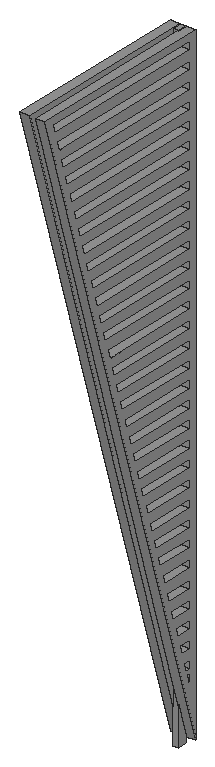
Revit family "MBS_shading panel3__down_90", category Generic Models, Revit 2014
Reference planes
  plane 1 "Center (Front/Back)": y = 0
  plane 2: z = 0
  plane 3 "Center (Left/Right)": x = 0
Dimensions and locks
  aligned and locked: level to plane 2
Nested families
  nested 1: "MBS_rounding mullion shading system1" at (100, -100, 0), type "MBS_rounding mullion shading system1"
    with rounding mullion height 2700 mm
  nested 2: "MBS_shading panel3" at (155, -96.296, 25) x (0, 1, 0) z (-1, 0, 0), type "MBS_shading panel3"
    with shad panel thickness 40 mm, shad panel 1 void height 2700 mm
  nested 3: "MBS_shading panel3" at (180, -96.296, 25) x (0, 1, 0) z (1, 0, 0), type "MBS_shading panel3"
    with shad panel thickness 40 mm, shad panel 1 void height 2700 mm
Definition of nested family "MBS_rounding mullion shading system1"
  Parameters (values of type "MBS_rounding mullion shading system1")
    rounding mullion mater = Steel, Galvanized rounding mull
    rounding mullion height [instance] = 2700 mm
    Default Elevation = 1219.2 mm
  Reference planes
    plane 1 "Center (Front/Back)": y = 0
    plane 2: z = 0
    plane 3 "Center (Left/Right)": x = 0
  Forms (mm)
    Extrusion 1, solid
      sketch origin (0, 0, 0) x (1, 0, 0) y (0, 1, 0)
        loop
          line (-1219.2, 1219.2) -> (-1219.2, -1219.2) -> (1219.2, -1219.2) -> (1219.2, 1219.2) -> (-1219.2, 1219.2)
      from 0 to -304.8
    Extrusion 2, solid, material "Steel, Galvanized rounding mull" <- "rounding mullion mater"
      sketch origin (0, 0, 0) x (1, 0, 0) y (0, 1, 0)
        loop
          line (55, 0) -> (55, -40) -> (80, -40) -> (80, 0) -> (55, 0)
      from 0 to 2700 <- "rounding mullion height"
  Dimensions and locks
    aligned and locked: plane 2 to Extrusion 1
    aligned and locked: level to Extrusion 1
Definition of nested family "MBS_shading panel3"
  Parameters (values of type "MBS_shading panel3")
    shading panel mater = Teak shading panel3
    shad panel thickness [instance] = 40 mm
    shad panel 1 void height [instance] = 2700 mm
    panel hole = 35 mm
    Default Elevation = 1219.2 mm
  Reference planes
    plane 1 "Center (Front/Back)": y = 0
    plane 2: z = 0
    plane 3 "Center (Left/Right)": x = 0
    plane 4: y = -281.851
    plane 5: y = -316.851
    plane 6: y = -356.851
    plane 7: y = -391.851
    plane 8: through (-33.704, -206.851, 1219.2) normal (0.9588, -0.2841, 0)
    plane 9: y = -431.851
    plane 10: y = -466.851
    plane 11: y = -506.851
    plane 12: y = -541.851
    plane 13: y = -581.851
    plane 14: y = -616.851
    plane 15: y = -661.851
    plane 16: y = -696.851
    plane 17: y = -736.851
    plane 18: y = -771.851
    plane 19: y = -811.851
    plane 20: y = -846.851
    plane 21: y = -886.851
    plane 22: y = -921.851
    plane 23: y = -961.851
    plane 24: y = -996.851
    plane 25: y = -1036.851
    plane 26: y = -1071.851
    plane 27: y = -1111.851
    plane 28: y = -1146.851
    plane 29: y = -1186.851
    plane 30: y = -1221.851
    plane 31: y = -1261.851
    plane 32: y = -1296.851
    plane 33: y = -1336.851
    plane 34: y = -1371.851
    plane 35: y = -1411.851
    plane 36: y = -1446.851
    plane 37: y = -1486.851
    plane 38: y = -1521.851
    plane 39: y = -1561.851
    plane 40: y = -1596.851
    plane 41: y = -1636.851
    plane 42: y = -1671.851
    plane 43: y = -1711.851
    plane 44: y = -1746.851
    plane 45: y = -1786.851
    plane 46: y = -1821.851
    plane 47: y = -1861.851
    plane 48: y = -1896.851
    plane 49: y = -1936.851
    plane 50: y = -1971.851
    plane 51: y = -2011.851
    plane 52: y = -2046.851
    plane 53: y = -2086.851
    plane 54: y = -2121.851
    plane 55: y = -2161.851
    plane 56: y = -2196.851
    plane 57: y = -2236.851
    plane 58: y = -2271.851
    plane 59: y = -2311.851
    plane 60: y = -2346.851
    plane 61: y = -2386.851
    plane 62: y = -2421.851
    plane 63: y = -2496.851
    plane 64: y = -2461.851
    plane 65: y = -2536.851
    plane 66: y = -2571.851
    plane 67: y = -2611.851
    plane 68: y = -2646.851
  Forms (mm)
    Extrusion 1, solid
      sketch origin (0, 0, 0) x (1, 0, 0) y (0, 1, 0)
        loop
          line (-1219.2, 1219.2) -> (-1219.2, -1219.2) -> (1219.2, -1219.2) -> (1219.2, 1219.2) -> (-1219.2, 1219.2)
      from 0 to -304.8
    Extrusion 2, solid, material "Teak shading panel3" <- "shading panel mater"
      sketch origin (224.13, -1442.49, 0) x (1, 0, 0) y (0, 1, 0)
        loop
          line (-227.833, 1442.49) -> (-1020.426, -1232.51) -> (-227.833, -1232.51) -> (-227.833, 1442.49)
        loop
          line (-257.833, 1235.639) -> (-275.611, 1175.639) -> (-257.833, 1175.639) -> (-257.833, 1235.639)
        loop
          line (-257.833, 1160.639) -> (-280.056, 1160.639) -> (-290.426, 1125.639) -> (-257.833, 1125.639) -> (-257.833, 1160.639)
        loop
          line (-257.833, 1085.639) -> (-302.278, 1085.639) -> (-312.648, 1050.639) -> (-257.833, 1050.639) -> (-257.833, 1085.639)
        loop
          line (-257.833, 1010.639) -> (-324.5, 1010.639) -> (-334.87, 975.639) -> (-257.833, 975.639) -> (-257.833, 1010.639)
        loop
          line (-257.833, 860.639) -> (-368.944, 860.639) -> (-379.315, 825.639) -> (-257.833, 825.639) -> (-257.833, 860.639)
        loop
          line (-257.833, 935.639) -> (-346.722, 935.639) -> (-357.093, 900.639) -> (-257.833, 900.639) -> (-257.833, 935.639)
        loop
          line (-257.833, 780.639) -> (-392.648, 780.639) -> (-403.019, 745.639) -> (-257.833, 745.639) -> (-257.833, 780.639)
        loop
          line (-257.833, 705.639) -> (-414.87, 705.639) -> (-425.241, 670.639) -> (-257.833, 670.639) -> (-257.833, 705.639)
        loop
          line (-257.833, 630.639) -> (-437.093, 630.639) -> (-447.463, 595.639) -> (-257.833, 595.639) -> (-257.833, 630.639)
        loop
          line (-257.833, 555.639) -> (-459.315, 555.639) -> (-469.685, 520.639) -> (-257.833, 520.639) -> (-257.833, 555.639)
        loop
          line (-257.833, 480.639) -> (-481.537, 480.639) -> (-491.907, 445.639) -> (-257.833, 445.639) -> (-257.833, 480.639)
        loop
          line (-257.833, 405.639) -> (-503.759, 405.639) -> (-514.13, 370.639) -> (-257.833, 370.639) -> (-257.833, 405.639)
        loop
          line (-257.833, 330.639) -> (-525.982, 330.639) -> (-536.352, 295.639) -> (-257.833, 295.639) -> (-257.833, 330.639)
        loop
          line (-257.833, 255.639) -> (-548.204, 255.639) -> (-558.574, 220.639) -> (-257.833, 220.639) -> (-257.833, 255.639)
        loop
          line (-257.833, 180.639) -> (-570.426, 180.639) -> (-580.796, 145.639) -> (-257.833, 145.639) -> (-257.833, 180.639)
        loop
          line (-257.833, 105.639) -> (-592.648, 105.639) -> (-603.019, 70.639) -> (-257.833, 70.639) -> (-257.833, 105.639)
        loop
          line (-257.833, 30.639) -> (-614.87, 30.639) -> (-625.241, -4.361) -> (-257.833, -4.361) -> (-257.833, 30.639)
        loop
          line (-257.833, -44.361) -> (-637.093, -44.361) -> (-647.463, -79.361) -> (-257.833, -79.361) -> (-257.833, -44.361)
        loop
          line (-257.833, -119.361) -> (-659.315, -119.361) -> (-669.685, -154.361) -> (-257.833, -154.361) -> (-257.833, -119.361)
        loop
          line (-257.833, -194.361) -> (-681.537, -194.361) -> (-691.907, -229.361) -> (-257.833, -229.361) -> (-257.833, -194.361)
        loop
          line (-257.833, -269.361) -> (-703.759, -269.361) -> (-714.13, -304.361) -> (-257.833, -304.361) -> (-257.833, -269.361)
        loop
          line (-257.833, -344.361) -> (-725.982, -344.361) -> (-736.352, -379.361) -> (-257.833, -379.361) -> (-257.833, -344.361)
        loop
          line (-257.833, -419.361) -> (-748.204, -419.361) -> (-758.574, -454.361) -> (-257.833, -454.361) -> (-257.833, -419.361)
        loop
          line (-257.833, -494.361) -> (-770.426, -494.361) -> (-780.796, -529.361) -> (-257.833, -529.361) -> (-257.833, -494.361)
        loop
          line (-257.833, -569.361) -> (-792.648, -569.361) -> (-803.019, -604.361) -> (-257.833, -604.361) -> (-257.833, -569.361)
        loop
          line (-257.833, -644.361) -> (-814.87, -644.361) -> (-825.241, -679.361) -> (-257.833, -679.361) -> (-257.833, -644.361)
        loop
          line (-257.833, -719.361) -> (-837.093, -719.361) -> (-847.463, -754.361) -> (-257.833, -754.361) -> (-257.833, -719.361)
        loop
          line (-257.833, -794.361) -> (-859.315, -794.361) -> (-869.685, -829.361) -> (-257.833, -829.361) -> (-257.833, -794.361)
        loop
          line (-257.833, -869.361) -> (-881.537, -869.361) -> (-891.907, -904.361) -> (-257.833, -904.361) -> (-257.833, -869.361)
        loop
          line (-257.833, -944.361) -> (-903.759, -944.361) -> (-914.13, -979.361) -> (-257.833, -979.361) -> (-257.833, -944.361)
        loop
          line (-257.833, -1019.361) -> (-925.982, -1019.361) -> (-936.352, -1054.361) -> (-257.833, -1054.361) -> (-257.833, -1019.361)
        loop
          line (-257.833, -1094.361) -> (-948.204, -1094.361) -> (-958.574, -1129.361) -> (-257.833, -1129.361) -> (-257.833, -1094.361)
        loop
          line (-257.833, -1169.361) -> (-970.426, -1169.361) -> (-980.796, -1204.361) -> (-257.833, -1204.361) -> (-257.833, -1169.361)
      from 0 to 40 <- "shad panel thickness"
  Dimensions and locks
    "panel hole": plane 4 to plane 5
    "panel hole": plane 6 to plane 7
    "panel hole": plane 9 to plane 10
    "panel hole": plane 11 to plane 12
    "panel hole": plane 13 to plane 14
    "panel hole": plane 15 to plane 16
    "panel hole": plane 17 to plane 18
    "panel hole": plane 19 to plane 20
    "panel hole": plane 21 to plane 22
    "panel hole": plane 23 to plane 24
    "panel hole": plane 25 to plane 26
    "panel hole": plane 27 to plane 28
    "panel hole": plane 29 to plane 30
    "panel hole": plane 31 to plane 32
    "panel hole": plane 33 to plane 34
    "panel hole": plane 35 to plane 36
    "panel hole": plane 37 to plane 38
    "panel hole": plane 39 to plane 40
    "panel hole": plane 41 to plane 42
    "panel hole": plane 43 to plane 44
    "panel hole": plane 45 to plane 46
    "panel hole": plane 47 to plane 48
    "panel hole": plane 49 to plane 50
    "panel hole": plane 51 to plane 52
    "panel hole": plane 53 to plane 54
    "panel hole": plane 55 to plane 56
    "panel hole": plane 57 to plane 58
    "panel hole": plane 59 to plane 60
    "panel hole": plane 61 to plane 62
    "panel hole": plane 64 to plane 63
    "panel hole": plane 65 to plane 66
    "panel hole": plane 67 to plane 68
    aligned and locked: plane 2 to Extrusion 1
    aligned and locked: level to Extrusion 1
    aligned and locked: plane 4 to Extrusion 2 sketch curve
    aligned and locked: plane 5 to Extrusion 2 sketch curve
    aligned and locked: plane 6 to Extrusion 2 sketch curve
    aligned and locked: plane 7 to Extrusion 2 sketch curve
    aligned and locked: plane 8 to Extrusion 2 sketch curve  (x33)
    aligned and locked: plane 9 to Extrusion 2 sketch curve
    aligned and locked: plane 10 to Extrusion 2 sketch curve
    aligned and locked: plane 11 to Extrusion 2 sketch curve
    aligned and locked: plane 12 to Extrusion 2 sketch curve
    aligned and locked: plane 13 to Extrusion 2 sketch curve
    aligned and locked: plane 14 to Extrusion 2 sketch curve
    aligned and locked: plane 15 to Extrusion 2 sketch curve
    aligned and locked: plane 16 to Extrusion 2 sketch curve
    aligned and locked: plane 17 to Extrusion 2 sketch curve
    aligned and locked: plane 18 to Extrusion 2 sketch curve
    aligned and locked: plane 19 to Extrusion 2 sketch curve
    aligned and locked: plane 20 to Extrusion 2 sketch curve
    aligned and locked: plane 21 to Extrusion 2 sketch curve
    aligned and locked: plane 22 to Extrusion 2 sketch curve
    aligned and locked: plane 23 to Extrusion 2 sketch curve
    aligned and locked: plane 24 to Extrusion 2 sketch curve
    aligned and locked: plane 25 to Extrusion 2 sketch curve
    aligned and locked: plane 26 to Extrusion 2 sketch curve
    aligned and locked: plane 27 to Extrusion 2 sketch curve
    aligned and locked: plane 28 to Extrusion 2 sketch curve
    aligned and locked: plane 29 to Extrusion 2 sketch curve
    aligned and locked: plane 30 to Extrusion 2 sketch curve
    aligned and locked: plane 31 to Extrusion 2 sketch curve
    aligned and locked: plane 32 to Extrusion 2 sketch curve
    aligned and locked: plane 33 to Extrusion 2 sketch curve
    aligned and locked: plane 34 to Extrusion 2 sketch curve
    aligned and locked: plane 35 to Extrusion 2 sketch curve
    aligned and locked: plane 36 to Extrusion 2 sketch curve
    aligned and locked: plane 37 to Extrusion 2 sketch curve
    aligned and locked: plane 38 to Extrusion 2 sketch curve
    aligned and locked: plane 39 to Extrusion 2 sketch curve
    aligned and locked: plane 40 to Extrusion 2 sketch curve
    aligned and locked: plane 41 to Extrusion 2 sketch curve
    aligned and locked: plane 42 to Extrusion 2 sketch curve
    aligned and locked: plane 43 to Extrusion 2 sketch curve
    aligned and locked: plane 44 to Extrusion 2 sketch curve
    aligned and locked: plane 45 to Extrusion 2 sketch curve
    aligned and locked: plane 46 to Extrusion 2 sketch curve
    aligned and locked: plane 47 to Extrusion 2 sketch curve
    aligned and locked: plane 48 to Extrusion 2 sketch curve
    aligned and locked: plane 49 to Extrusion 2 sketch curve
    aligned and locked: plane 50 to Extrusion 2 sketch curve
    aligned and locked: plane 51 to Extrusion 2 sketch curve
    aligned and locked: plane 52 to Extrusion 2 sketch curve
    aligned and locked: plane 53 to Extrusion 2 sketch curve
    aligned and locked: plane 54 to Extrusion 2 sketch curve
    aligned and locked: plane 55 to Extrusion 2 sketch curve
    aligned and locked: plane 56 to Extrusion 2 sketch curve
    aligned and locked: plane 57 to Extrusion 2 sketch curve
    aligned and locked: plane 58 to Extrusion 2 sketch curve
    aligned and locked: plane 59 to Extrusion 2 sketch curve
    aligned and locked: plane 60 to Extrusion 2 sketch curve
    aligned and locked: plane 61 to Extrusion 2 sketch curve
    aligned and locked: plane 62 to Extrusion 2 sketch curve
    aligned and locked: plane 63 to Extrusion 2 sketch curve
    aligned and locked: plane 64 to Extrusion 2 sketch curve
    aligned and locked: plane 65 to Extrusion 2 sketch curve
    aligned and locked: plane 66 to Extrusion 2 sketch curve
    aligned and locked: plane 67 to Extrusion 2 sketch curve
    aligned and locked: plane 68 to Extrusion 2 sketch curve
  Automatic sketch dimensions
    Extrusion 1 sketch curve to Extrusion 1 sketch curve = 2438.4 mm  (x2)
    plane 1 "Center (Front/Back)" to Extrusion 2 sketch curve = 0 mm
    Extrusion 2 sketch curve to plane 68 = 28.149 mm
    Extrusion 2 sketch curve to Extrusion 2 sketch curve = 39.63 mm
    plane 4 to Extrusion 2 sketch curve = 15 mm
    Extrusion 2 sketch curve to plane 3 "Center (Left/Right)" = 33.704 mm  (x32)
    Extrusion 2 sketch curve to Extrusion 2 sketch curve = 0 mm
    Extrusion 2 sketch curve to plane 3 "Center (Left/Right)" = 3.704 mm
